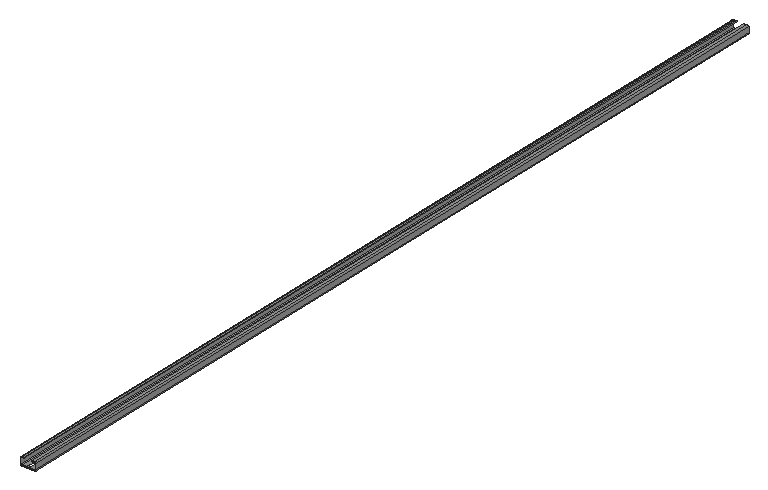
Revit family "Profilschiene- CML3518P2000 FS,FT,A2", category Generic Models, Revit 2017
Family settings
  Can host rebar = No
  Round Connector Dimension = Use Diameter
  Part Type = Normal
  Work Plane-Based = No
  Always vertical = Yes
  Cut with Voids When Loaded = No
  Shared = No
  Room Calculation Point = No
Parameters (values of type "CML3518P2000A2")
  Width 1 = 35 mm / 2  # 17.5 mm
  Width = 35 mm
  URL = "http://www.obo-bettermann.com"
  Material = Stainless steel, A2
  Manufacturer Art.No. = "1104501"
  Manufacturer = "OBO Bettermann"
  Length = 2000 mm
  GTIN = "4012195627081"
  Cut's space = 50 mm
  Cut's number = Length / Cut's space  # 40
  Article Type = "CML3518P2000A2"
Reference planes
  plane 1 "Center (Front/Back)": y = 0
  plane 2: z = 0
  plane 3 "Center (Left/Right)": x = 0
  plane 4: z = 18
  plane 5: y = 14
  plane 6: y = 39
  plane 7: y = 45
  plane 8: y = 33
  plane 9: y = 39
  plane 10: y = 64
  plane 11: y = 89
  plane 12: y = 95
  plane 13: y = 83
  plane 14: y = 139
  plane 15: y = 145
  plane 16: y = 133
  plane 17: y = 189
  plane 18: y = 195
  plane 19: y = 183
  plane 20: y = 239
  plane 21: y = 245
  plane 22: y = 233
  plane 23: y = 289
  plane 24: y = 295
  plane 25: y = 283
  plane 26: y = 339
  plane 27: y = 345
  plane 28: y = 333
  plane 29: y = 389
  plane 30: y = 395
  plane 31: y = 383
  plane 32: y = 439
  plane 33: y = 445
  plane 34: y = 433
  plane 35: y = 489
  plane 36: y = 495
  plane 37: y = 483
  plane 38: y = 539
  plane 39: y = 545
  plane 40: y = 533
  plane 41: y = 589
  plane 42: y = 595
  plane 43: y = 583
  plane 44: y = 639
  plane 45: y = 645
  plane 46: y = 633
  plane 47: y = 689
  plane 48: y = 695
  plane 49: y = 683
  plane 50: y = 739
  plane 51: y = 745
  plane 52: y = 733
  plane 53: y = 789
  plane 54: y = 795
  plane 55: y = 783
  plane 56: y = 839
  plane 57: y = 845
  plane 58: y = 833
  plane 59: y = 889
  plane 60: y = 895
  plane 61: y = 883
  plane 62: y = 939
  plane 63: y = 945
  plane 64: y = 933
  plane 65: y = 989
  plane 66: y = 995
  plane 67: y = 983
  plane 68: y = 1039
  plane 69: y = 1045
  plane 70: y = 1033
  plane 71: y = 1089
  plane 72: y = 1095
  plane 73: y = 1083
  plane 74: y = 1139
  plane 75: y = 1145
  plane 76: y = 1133
  plane 77: y = 1189
  plane 78: y = 1195
  plane 79: y = 1183
  plane 80: y = 1239
  plane 81: y = 1245
  plane 82: y = 1233
  plane 83: y = 1289
  plane 84: y = 1295
  plane 85: y = 1283
  plane 86: y = 1339
  plane 87: y = 1345
  plane 88: y = 1333
  plane 89: y = 1389
  plane 90: y = 1395
  plane 91: y = 1383
  plane 92: y = 1439
  plane 93: y = 1445
  plane 94: y = 1433
  plane 95: y = 1489
  plane 96: y = 1495
  plane 97: y = 1483
  plane 98: y = 1539
  plane 99: y = 1545
  plane 100: y = 1533
  plane 101: y = 1589
  plane 102: y = 1595
  plane 103: y = 1583
  plane 104: y = 1639
  plane 105: y = 1645
  plane 106: y = 1633
  plane 107: y = 1689
  plane 108: y = 1695
  plane 109: y = 1683
  plane 110: y = 1739
  plane 111: y = 1745
  plane 112: y = 1733
  plane 113: y = 1789
  plane 114: y = 1795
  plane 115: y = 1783
  plane 116: y = 1839
  plane 117: y = 1845
  plane 118: y = 1833
  plane 119: y = 1889
  plane 120: y = 1895
  plane 121: y = 1883
  plane 122: y = 1939
  plane 123: y = 1945
  plane 124: y = 1933
  plane 125: y = 1989
  plane 126: y = 1995
  plane 127: y = 1983
Forms (mm)
  Extrusion 1, solid, material "Stainless steel, A2" <- "Material"
    sketch origin (0, 0, 0) x (1, 0, 0) y (0, 0, 1)
      loop
        line (-15, 0) -> (15, 0)
        arc (15, 0) -> (16.768, 0.732) -> (17.5, 2.5) r 2.5
        line (17.5, 2.5) -> (17.5, 15.516)
        arc (17.5, 15.516) -> (16.798, 17.253) -> (15.087, 18.015) r 2.5
        line (15.087, 18.015) -> (8.459, 18.015) -> (8.459, 16.715) -> (15.06, 16.715)
        arc (15.06, 16.715) -> (15.87, 16.343) -> (16.2, 15.516) r 1.2
        line (16.2, 15.516) -> (16.2, 2.55)
        arc (16.2, 2.55) -> (15.834, 1.666) -> (14.95, 1.3) r 1.25
        line (14.95, 1.3) -> (-14.95, 1.3)
        arc (-14.95, 1.3) -> (-15.834, 1.666) -> (-16.2, 2.55) r 1.25
        line (-16.2, 2.55) -> (-16.2, 15.5)
        arc (-16.2, 15.5) -> (-15.849, 16.349) -> (-15, 16.7) r 1.2
        line (-15, 16.7) -> (-8.541, 16.7) -> (-8.541, 18) -> (-15, 18)
        arc (-15, 18) -> (-16.768, 17.268) -> (-17.5, 15.5) r 2.5
        line (-17.5, 15.5) -> (-17.5, 2.5)
        arc (-17.5, 2.5) -> (-16.768, 0.732) -> (-15, 0) r 2.5
    from -2000 to 0
  Extrusion 2, void
    sketch origin (0, 0, 0) x (1, 0, 0) y (0, 1, 0)
      loop
        arc (-3.85, 24) -> (-4.204, 23.854) -> (-4.35, 23.5) r 0.5
        line (-4.35, 23.5) -> (-4.35, 4.5)
        arc (-4.35, 4.5) -> (-4.204, 4.146) -> (-3.85, 4) r 0.5
        line (-3.85, 4) -> (3.85, 4)
        arc (3.85, 4) -> (4.204, 4.146) -> (4.35, 4.5) r 0.5
        line (4.35, 4.5) -> (4.35, 23.5)
        arc (4.35, 23.5) -> (4.204, 23.854) -> (3.85, 24) r 0.5
        line (3.85, 24) -> (-3.85, 24)
      loop
        arc (-3.25, 36.248) -> (0, 32.998) -> (3.25, 36.248) r 3.25
        line (3.25, 36.248) -> (3.25, 41.75)
        arc (3.25, 41.75) -> (0, 45) -> (-3.25, 41.75) r 3.25
        line (-3.25, 41.75) -> (-3.25, 36.248)
    from 0 to 1.3
  Extrusion 3, void
    sketch origin (0, 50, 0) x (1, 0, 0) y (0, 1, 0)
      loop
        arc (-3.85, 24) -> (-4.204, 23.854) -> (-4.35, 23.5) r 0.5
        line (-4.35, 23.5) -> (-4.35, 4.5)
        arc (-4.35, 4.5) -> (-4.204, 4.146) -> (-3.85, 4) r 0.5
        line (-3.85, 4) -> (3.85, 4)
        arc (3.85, 4) -> (4.204, 4.146) -> (4.35, 4.5) r 0.5
        line (4.35, 4.5) -> (4.35, 23.5)
        arc (4.35, 23.5) -> (4.204, 23.854) -> (3.85, 24) r 0.5
        line (3.85, 24) -> (-3.85, 24)
      loop
        arc (-3.25, 36.248) -> (0, 32.998) -> (3.25, 36.248) r 3.25
        line (3.25, 36.248) -> (3.25, 41.75)
        arc (3.25, 41.75) -> (0, 45) -> (-3.25, 41.75) r 3.25
        line (-3.25, 41.75) -> (-3.25, 36.248)
    from 0 to 1.3
  Extrusion 4, void
    sketch origin (0, 100, 0) x (1, 0, 0) y (0, 1, 0)
      loop
        arc (-3.85, 24) -> (-4.204, 23.854) -> (-4.35, 23.5) r 0.5
        line (-4.35, 23.5) -> (-4.35, 4.5)
        arc (-4.35, 4.5) -> (-4.204, 4.146) -> (-3.85, 4) r 0.5
        line (-3.85, 4) -> (3.85, 4)
        arc (3.85, 4) -> (4.204, 4.146) -> (4.35, 4.5) r 0.5
        line (4.35, 4.5) -> (4.35, 23.5)
        arc (4.35, 23.5) -> (4.204, 23.854) -> (3.85, 24) r 0.5
        line (3.85, 24) -> (-3.85, 24)
      loop
        arc (-3.25, 36.248) -> (0, 32.998) -> (3.25, 36.248) r 3.25
        line (3.25, 36.248) -> (3.25, 41.75)
        arc (3.25, 41.75) -> (0, 45) -> (-3.25, 41.75) r 3.25
        line (-3.25, 41.75) -> (-3.25, 36.248)
    from 0 to 1.3
  Extrusion 5, void
    sketch origin (0, 150, 0) x (1, 0, 0) y (0, 1, 0)
      loop
        arc (-3.85, 24) -> (-4.204, 23.854) -> (-4.35, 23.5) r 0.5
        line (-4.35, 23.5) -> (-4.35, 4.5)
        arc (-4.35, 4.5) -> (-4.204, 4.146) -> (-3.85, 4) r 0.5
        line (-3.85, 4) -> (3.85, 4)
        arc (3.85, 4) -> (4.204, 4.146) -> (4.35, 4.5) r 0.5
        line (4.35, 4.5) -> (4.35, 23.5)
        arc (4.35, 23.5) -> (4.204, 23.854) -> (3.85, 24) r 0.5
        line (3.85, 24) -> (-3.85, 24)
      loop
        arc (-3.25, 36.248) -> (0, 32.998) -> (3.25, 36.248) r 3.25
        line (3.25, 36.248) -> (3.25, 41.75)
        arc (3.25, 41.75) -> (0, 45) -> (-3.25, 41.75) r 3.25
        line (-3.25, 41.75) -> (-3.25, 36.248)
    from 0 to 1.3
  Extrusion 6, void
    sketch origin (0, 200, 0) x (1, 0, 0) y (0, 1, 0)
      loop
        arc (-3.85, 24) -> (-4.204, 23.854) -> (-4.35, 23.5) r 0.5
        line (-4.35, 23.5) -> (-4.35, 4.5)
        arc (-4.35, 4.5) -> (-4.204, 4.146) -> (-3.85, 4) r 0.5
        line (-3.85, 4) -> (3.85, 4)
        arc (3.85, 4) -> (4.204, 4.146) -> (4.35, 4.5) r 0.5
        line (4.35, 4.5) -> (4.35, 23.5)
        arc (4.35, 23.5) -> (4.204, 23.854) -> (3.85, 24) r 0.5
        line (3.85, 24) -> (-3.85, 24)
      loop
        arc (-3.25, 36.248) -> (0, 32.998) -> (3.25, 36.248) r 3.25
        line (3.25, 36.248) -> (3.25, 41.75)
        arc (3.25, 41.75) -> (0, 45) -> (-3.25, 41.75) r 3.25
        line (-3.25, 41.75) -> (-3.25, 36.248)
    from 0 to 1.3
  Extrusion 7, void
    sketch origin (0, 250, 0) x (1, 0, 0) y (0, 1, 0)
      loop
        arc (-3.85, 24) -> (-4.204, 23.854) -> (-4.35, 23.5) r 0.5
        line (-4.35, 23.5) -> (-4.35, 4.5)
        arc (-4.35, 4.5) -> (-4.204, 4.146) -> (-3.85, 4) r 0.5
        line (-3.85, 4) -> (3.85, 4)
        arc (3.85, 4) -> (4.204, 4.146) -> (4.35, 4.5) r 0.5
        line (4.35, 4.5) -> (4.35, 23.5)
        arc (4.35, 23.5) -> (4.204, 23.854) -> (3.85, 24) r 0.5
        line (3.85, 24) -> (-3.85, 24)
      loop
        arc (-3.25, 36.248) -> (0, 32.998) -> (3.25, 36.248) r 3.25
        line (3.25, 36.248) -> (3.25, 41.75)
        arc (3.25, 41.75) -> (0, 45) -> (-3.25, 41.75) r 3.25
        line (-3.25, 41.75) -> (-3.25, 36.248)
    from 0 to 1.3
  Extrusion 8, void
    sketch origin (0, 300, 0) x (1, 0, 0) y (0, 1, 0)
      loop
        arc (-3.85, 24) -> (-4.204, 23.854) -> (-4.35, 23.5) r 0.5
        line (-4.35, 23.5) -> (-4.35, 4.5)
        arc (-4.35, 4.5) -> (-4.204, 4.146) -> (-3.85, 4) r 0.5
        line (-3.85, 4) -> (3.85, 4)
        arc (3.85, 4) -> (4.204, 4.146) -> (4.35, 4.5) r 0.5
        line (4.35, 4.5) -> (4.35, 23.5)
        arc (4.35, 23.5) -> (4.204, 23.854) -> (3.85, 24) r 0.5
        line (3.85, 24) -> (-3.85, 24)
      loop
        arc (-3.25, 36.248) -> (0, 32.998) -> (3.25, 36.248) r 3.25
        line (3.25, 36.248) -> (3.25, 41.75)
        arc (3.25, 41.75) -> (0, 45) -> (-3.25, 41.75) r 3.25
        line (-3.25, 41.75) -> (-3.25, 36.248)
    from 0 to 1.3
  Extrusion 9, void
    sketch origin (0, 350, 0) x (1, 0, 0) y (0, 1, 0)
      loop
        arc (-3.85, 24) -> (-4.204, 23.854) -> (-4.35, 23.5) r 0.5
        line (-4.35, 23.5) -> (-4.35, 4.5)
        arc (-4.35, 4.5) -> (-4.204, 4.146) -> (-3.85, 4) r 0.5
        line (-3.85, 4) -> (3.85, 4)
        arc (3.85, 4) -> (4.204, 4.146) -> (4.35, 4.5) r 0.5
        line (4.35, 4.5) -> (4.35, 23.5)
        arc (4.35, 23.5) -> (4.204, 23.854) -> (3.85, 24) r 0.5
        line (3.85, 24) -> (-3.85, 24)
      loop
        arc (-3.25, 36.248) -> (0, 32.998) -> (3.25, 36.248) r 3.25
        line (3.25, 36.248) -> (3.25, 41.75)
        arc (3.25, 41.75) -> (0, 45) -> (-3.25, 41.75) r 3.25
        line (-3.25, 41.75) -> (-3.25, 36.248)
    from 0 to 1.3
  Extrusion 10, void
    sketch origin (0, 400, 0) x (1, 0, 0) y (0, 1, 0)
      loop
        arc (-3.85, 24) -> (-4.204, 23.854) -> (-4.35, 23.5) r 0.5
        line (-4.35, 23.5) -> (-4.35, 4.5)
        arc (-4.35, 4.5) -> (-4.204, 4.146) -> (-3.85, 4) r 0.5
        line (-3.85, 4) -> (3.85, 4)
        arc (3.85, 4) -> (4.204, 4.146) -> (4.35, 4.5) r 0.5
        line (4.35, 4.5) -> (4.35, 23.5)
        arc (4.35, 23.5) -> (4.204, 23.854) -> (3.85, 24) r 0.5
        line (3.85, 24) -> (-3.85, 24)
      loop
        arc (-3.25, 36.248) -> (0, 32.998) -> (3.25, 36.248) r 3.25
        line (3.25, 36.248) -> (3.25, 41.75)
        arc (3.25, 41.75) -> (0, 45) -> (-3.25, 41.75) r 3.25
        line (-3.25, 41.75) -> (-3.25, 36.248)
    from 0 to 1.3
  Extrusion 11, void
    sketch origin (0, 450, 0) x (1, 0, 0) y (0, 1, 0)
      loop
        arc (-3.85, 24) -> (-4.204, 23.854) -> (-4.35, 23.5) r 0.5
        line (-4.35, 23.5) -> (-4.35, 4.5)
        arc (-4.35, 4.5) -> (-4.204, 4.146) -> (-3.85, 4) r 0.5
        line (-3.85, 4) -> (3.85, 4)
        arc (3.85, 4) -> (4.204, 4.146) -> (4.35, 4.5) r 0.5
        line (4.35, 4.5) -> (4.35, 23.5)
        arc (4.35, 23.5) -> (4.204, 23.854) -> (3.85, 24) r 0.5
        line (3.85, 24) -> (-3.85, 24)
      loop
        arc (-3.25, 36.248) -> (0, 32.998) -> (3.25, 36.248) r 3.25
        line (3.25, 36.248) -> (3.25, 41.75)
        arc (3.25, 41.75) -> (0, 45) -> (-3.25, 41.75) r 3.25
        line (-3.25, 41.75) -> (-3.25, 36.248)
    from 0 to 1.3
  Extrusion 12, void
    sketch origin (0, 500, 0) x (1, 0, 0) y (0, 1, 0)
      loop
        arc (-3.85, 24) -> (-4.204, 23.854) -> (-4.35, 23.5) r 0.5
        line (-4.35, 23.5) -> (-4.35, 4.5)
        arc (-4.35, 4.5) -> (-4.204, 4.146) -> (-3.85, 4) r 0.5
        line (-3.85, 4) -> (3.85, 4)
        arc (3.85, 4) -> (4.204, 4.146) -> (4.35, 4.5) r 0.5
        line (4.35, 4.5) -> (4.35, 23.5)
        arc (4.35, 23.5) -> (4.204, 23.854) -> (3.85, 24) r 0.5
        line (3.85, 24) -> (-3.85, 24)
      loop
        arc (-3.25, 36.248) -> (0, 32.998) -> (3.25, 36.248) r 3.25
        line (3.25, 36.248) -> (3.25, 41.75)
        arc (3.25, 41.75) -> (0, 45) -> (-3.25, 41.75) r 3.25
        line (-3.25, 41.75) -> (-3.25, 36.248)
    from 0 to 1.3
  Extrusion 13, void
    sketch origin (0, 550, 0) x (1, 0, 0) y (0, 1, 0)
      loop
        arc (-3.85, 24) -> (-4.204, 23.854) -> (-4.35, 23.5) r 0.5
        line (-4.35, 23.5) -> (-4.35, 4.5)
        arc (-4.35, 4.5) -> (-4.204, 4.146) -> (-3.85, 4) r 0.5
        line (-3.85, 4) -> (3.85, 4)
        arc (3.85, 4) -> (4.204, 4.146) -> (4.35, 4.5) r 0.5
        line (4.35, 4.5) -> (4.35, 23.5)
        arc (4.35, 23.5) -> (4.204, 23.854) -> (3.85, 24) r 0.5
        line (3.85, 24) -> (-3.85, 24)
      loop
        arc (-3.25, 36.248) -> (0, 32.998) -> (3.25, 36.248) r 3.25
        line (3.25, 36.248) -> (3.25, 41.75)
        arc (3.25, 41.75) -> (0, 45) -> (-3.25, 41.75) r 3.25
        line (-3.25, 41.75) -> (-3.25, 36.248)
    from 0 to 1.3
  Extrusion 14, void
    sketch origin (0, 600, 0) x (1, 0, 0) y (0, 1, 0)
      loop
        arc (-3.85, 24) -> (-4.204, 23.854) -> (-4.35, 23.5) r 0.5
        line (-4.35, 23.5) -> (-4.35, 4.5)
        arc (-4.35, 4.5) -> (-4.204, 4.146) -> (-3.85, 4) r 0.5
        line (-3.85, 4) -> (3.85, 4)
        arc (3.85, 4) -> (4.204, 4.146) -> (4.35, 4.5) r 0.5
        line (4.35, 4.5) -> (4.35, 23.5)
        arc (4.35, 23.5) -> (4.204, 23.854) -> (3.85, 24) r 0.5
        line (3.85, 24) -> (-3.85, 24)
      loop
        arc (-3.25, 36.248) -> (0, 32.998) -> (3.25, 36.248) r 3.25
        line (3.25, 36.248) -> (3.25, 41.75)
        arc (3.25, 41.75) -> (0, 45) -> (-3.25, 41.75) r 3.25
        line (-3.25, 41.75) -> (-3.25, 36.248)
    from 0 to 1.3
  Extrusion 15, void
    sketch origin (0, 650, 0) x (1, 0, 0) y (0, 1, 0)
      loop
        arc (-3.85, 24) -> (-4.204, 23.854) -> (-4.35, 23.5) r 0.5
        line (-4.35, 23.5) -> (-4.35, 4.5)
        arc (-4.35, 4.5) -> (-4.204, 4.146) -> (-3.85, 4) r 0.5
        line (-3.85, 4) -> (3.85, 4)
        arc (3.85, 4) -> (4.204, 4.146) -> (4.35, 4.5) r 0.5
        line (4.35, 4.5) -> (4.35, 23.5)
        arc (4.35, 23.5) -> (4.204, 23.854) -> (3.85, 24) r 0.5
        line (3.85, 24) -> (-3.85, 24)
      loop
        arc (-3.25, 36.248) -> (0, 32.998) -> (3.25, 36.248) r 3.25
        line (3.25, 36.248) -> (3.25, 41.75)
        arc (3.25, 41.75) -> (0, 45) -> (-3.25, 41.75) r 3.25
        line (-3.25, 41.75) -> (-3.25, 36.248)
    from 0 to 1.3
  Extrusion 16, void
    sketch origin (0, 700, 0) x (1, 0, 0) y (0, 1, 0)
      loop
        arc (-3.85, 24) -> (-4.204, 23.854) -> (-4.35, 23.5) r 0.5
        line (-4.35, 23.5) -> (-4.35, 4.5)
        arc (-4.35, 4.5) -> (-4.204, 4.146) -> (-3.85, 4) r 0.5
        line (-3.85, 4) -> (3.85, 4)
        arc (3.85, 4) -> (4.204, 4.146) -> (4.35, 4.5) r 0.5
        line (4.35, 4.5) -> (4.35, 23.5)
        arc (4.35, 23.5) -> (4.204, 23.854) -> (3.85, 24) r 0.5
        line (3.85, 24) -> (-3.85, 24)
      loop
        arc (-3.25, 36.248) -> (0, 32.998) -> (3.25, 36.248) r 3.25
        line (3.25, 36.248) -> (3.25, 41.75)
        arc (3.25, 41.75) -> (0, 45) -> (-3.25, 41.75) r 3.25
        line (-3.25, 41.75) -> (-3.25, 36.248)
    from 0 to 1.3
  Extrusion 17, void
    sketch origin (0, 750, 0) x (1, 0, 0) y (0, 1, 0)
      loop
        arc (-3.85, 24) -> (-4.204, 23.854) -> (-4.35, 23.5) r 0.5
        line (-4.35, 23.5) -> (-4.35, 4.5)
        arc (-4.35, 4.5) -> (-4.204, 4.146) -> (-3.85, 4) r 0.5
        line (-3.85, 4) -> (3.85, 4)
        arc (3.85, 4) -> (4.204, 4.146) -> (4.35, 4.5) r 0.5
        line (4.35, 4.5) -> (4.35, 23.5)
        arc (4.35, 23.5) -> (4.204, 23.854) -> (3.85, 24) r 0.5
        line (3.85, 24) -> (-3.85, 24)
      loop
        arc (-3.25, 36.248) -> (0, 32.998) -> (3.25, 36.248) r 3.25
        line (3.25, 36.248) -> (3.25, 41.75)
        arc (3.25, 41.75) -> (0, 45) -> (-3.25, 41.75) r 3.25
        line (-3.25, 41.75) -> (-3.25, 36.248)
    from 0 to 1.3
  Extrusion 18, void
    sketch origin (0, 800, 0) x (1, 0, 0) y (0, 1, 0)
      loop
        arc (-3.85, 24) -> (-4.204, 23.854) -> (-4.35, 23.5) r 0.5
        line (-4.35, 23.5) -> (-4.35, 4.5)
        arc (-4.35, 4.5) -> (-4.204, 4.146) -> (-3.85, 4) r 0.5
        line (-3.85, 4) -> (3.85, 4)
        arc (3.85, 4) -> (4.204, 4.146) -> (4.35, 4.5) r 0.5
        line (4.35, 4.5) -> (4.35, 23.5)
        arc (4.35, 23.5) -> (4.204, 23.854) -> (3.85, 24) r 0.5
        line (3.85, 24) -> (-3.85, 24)
      loop
        arc (-3.25, 36.248) -> (0, 32.998) -> (3.25, 36.248) r 3.25
        line (3.25, 36.248) -> (3.25, 41.75)
        arc (3.25, 41.75) -> (0, 45) -> (-3.25, 41.75) r 3.25
        line (-3.25, 41.75) -> (-3.25, 36.248)
    from 0 to 1.3
  Extrusion 19, void
    sketch origin (0, 850, 0) x (1, 0, 0) y (0, 1, 0)
      loop
        arc (-3.85, 24) -> (-4.204, 23.854) -> (-4.35, 23.5) r 0.5
        line (-4.35, 23.5) -> (-4.35, 4.5)
        arc (-4.35, 4.5) -> (-4.204, 4.146) -> (-3.85, 4) r 0.5
        line (-3.85, 4) -> (3.85, 4)
        arc (3.85, 4) -> (4.204, 4.146) -> (4.35, 4.5) r 0.5
        line (4.35, 4.5) -> (4.35, 23.5)
        arc (4.35, 23.5) -> (4.204, 23.854) -> (3.85, 24) r 0.5
        line (3.85, 24) -> (-3.85, 24)
      loop
        arc (-3.25, 36.248) -> (0, 32.998) -> (3.25, 36.248) r 3.25
        line (3.25, 36.248) -> (3.25, 41.75)
        arc (3.25, 41.75) -> (0, 45) -> (-3.25, 41.75) r 3.25
        line (-3.25, 41.75) -> (-3.25, 36.248)
    from 0 to 1.3
  Extrusion 20, void
    sketch origin (0, 900, 0) x (1, 0, 0) y (0, 1, 0)
      loop
        arc (-3.85, 24) -> (-4.204, 23.854) -> (-4.35, 23.5) r 0.5
        line (-4.35, 23.5) -> (-4.35, 4.5)
        arc (-4.35, 4.5) -> (-4.204, 4.146) -> (-3.85, 4) r 0.5
        line (-3.85, 4) -> (3.85, 4)
        arc (3.85, 4) -> (4.204, 4.146) -> (4.35, 4.5) r 0.5
        line (4.35, 4.5) -> (4.35, 23.5)
        arc (4.35, 23.5) -> (4.204, 23.854) -> (3.85, 24) r 0.5
        line (3.85, 24) -> (-3.85, 24)
      loop
        arc (-3.25, 36.248) -> (0, 32.998) -> (3.25, 36.248) r 3.25
        line (3.25, 36.248) -> (3.25, 41.75)
        arc (3.25, 41.75) -> (0, 45) -> (-3.25, 41.75) r 3.25
        line (-3.25, 41.75) -> (-3.25, 36.248)
    from 0 to 1.3
  Extrusion 21, void
    sketch origin (0, 950, 0) x (1, 0, 0) y (0, 1, 0)
      loop
        arc (-3.85, 24) -> (-4.204, 23.854) -> (-4.35, 23.5) r 0.5
        line (-4.35, 23.5) -> (-4.35, 4.5)
        arc (-4.35, 4.5) -> (-4.204, 4.146) -> (-3.85, 4) r 0.5
        line (-3.85, 4) -> (3.85, 4)
        arc (3.85, 4) -> (4.204, 4.146) -> (4.35, 4.5) r 0.5
        line (4.35, 4.5) -> (4.35, 23.5)
        arc (4.35, 23.5) -> (4.204, 23.854) -> (3.85, 24) r 0.5
        line (3.85, 24) -> (-3.85, 24)
      loop
        arc (-3.25, 36.248) -> (0, 32.998) -> (3.25, 36.248) r 3.25
        line (3.25, 36.248) -> (3.25, 41.75)
        arc (3.25, 41.75) -> (0, 45) -> (-3.25, 41.75) r 3.25
        line (-3.25, 41.75) -> (-3.25, 36.248)
    from 0 to 1.3
  Extrusion 22, void
    sketch origin (0, 1000, 0) x (1, 0, 0) y (0, 1, 0)
      loop
        arc (-3.85, 24) -> (-4.204, 23.854) -> (-4.35, 23.5) r 0.5
        line (-4.35, 23.5) -> (-4.35, 4.5)
        arc (-4.35, 4.5) -> (-4.204, 4.146) -> (-3.85, 4) r 0.5
        line (-3.85, 4) -> (3.85, 4)
        arc (3.85, 4) -> (4.204, 4.146) -> (4.35, 4.5) r 0.5
        line (4.35, 4.5) -> (4.35, 23.5)
        arc (4.35, 23.5) -> (4.204, 23.854) -> (3.85, 24) r 0.5
        line (3.85, 24) -> (-3.85, 24)
      loop
        arc (-3.25, 36.248) -> (0, 32.998) -> (3.25, 36.248) r 3.25
        line (3.25, 36.248) -> (3.25, 41.75)
        arc (3.25, 41.75) -> (0, 45) -> (-3.25, 41.75) r 3.25
        line (-3.25, 41.75) -> (-3.25, 36.248)
    from 0 to 1.3
  Extrusion 23, void
    sketch origin (0, 1050, 0) x (1, 0, 0) y (0, 1, 0)
      loop
        arc (-3.85, 24) -> (-4.204, 23.854) -> (-4.35, 23.5) r 0.5
        line (-4.35, 23.5) -> (-4.35, 4.5)
        arc (-4.35, 4.5) -> (-4.204, 4.146) -> (-3.85, 4) r 0.5
        line (-3.85, 4) -> (3.85, 4)
        arc (3.85, 4) -> (4.204, 4.146) -> (4.35, 4.5) r 0.5
        line (4.35, 4.5) -> (4.35, 23.5)
        arc (4.35, 23.5) -> (4.204, 23.854) -> (3.85, 24) r 0.5
        line (3.85, 24) -> (-3.85, 24)
      loop
        arc (-3.25, 36.248) -> (0, 32.998) -> (3.25, 36.248) r 3.25
        line (3.25, 36.248) -> (3.25, 41.75)
        arc (3.25, 41.75) -> (0, 45) -> (-3.25, 41.75) r 3.25
        line (-3.25, 41.75) -> (-3.25, 36.248)
    from 0 to 1.3
  Extrusion 24, void
    sketch origin (0, 1100, 0) x (1, 0, 0) y (0, 1, 0)
      loop
        arc (-3.85, 24) -> (-4.204, 23.854) -> (-4.35, 23.5) r 0.5
        line (-4.35, 23.5) -> (-4.35, 4.5)
        arc (-4.35, 4.5) -> (-4.204, 4.146) -> (-3.85, 4) r 0.5
        line (-3.85, 4) -> (3.85, 4)
        arc (3.85, 4) -> (4.204, 4.146) -> (4.35, 4.5) r 0.5
        line (4.35, 4.5) -> (4.35, 23.5)
        arc (4.35, 23.5) -> (4.204, 23.854) -> (3.85, 24) r 0.5
        line (3.85, 24) -> (-3.85, 24)
      loop
        arc (-3.25, 36.248) -> (0, 32.998) -> (3.25, 36.248) r 3.25
        line (3.25, 36.248) -> (3.25, 41.75)
        arc (3.25, 41.75) -> (0, 45) -> (-3.25, 41.75) r 3.25
        line (-3.25, 41.75) -> (-3.25, 36.248)
    from 0 to 1.3
  Extrusion 25, void
    sketch origin (0, 1150, 0) x (1, 0, 0) y (0, 1, 0)
      loop
        arc (-3.85, 24) -> (-4.204, 23.854) -> (-4.35, 23.5) r 0.5
        line (-4.35, 23.5) -> (-4.35, 4.5)
        arc (-4.35, 4.5) -> (-4.204, 4.146) -> (-3.85, 4) r 0.5
        line (-3.85, 4) -> (3.85, 4)
        arc (3.85, 4) -> (4.204, 4.146) -> (4.35, 4.5) r 0.5
        line (4.35, 4.5) -> (4.35, 23.5)
        arc (4.35, 23.5) -> (4.204, 23.854) -> (3.85, 24) r 0.5
        line (3.85, 24) -> (-3.85, 24)
      loop
        arc (-3.25, 36.248) -> (0, 32.998) -> (3.25, 36.248) r 3.25
        line (3.25, 36.248) -> (3.25, 41.75)
        arc (3.25, 41.75) -> (0, 45) -> (-3.25, 41.75) r 3.25
        line (-3.25, 41.75) -> (-3.25, 36.248)
    from 0 to 1.3
  Extrusion 26, void
    sketch origin (0, 1200, 0) x (1, 0, 0) y (0, 1, 0)
      loop
        arc (-3.85, 24) -> (-4.204, 23.854) -> (-4.35, 23.5) r 0.5
        line (-4.35, 23.5) -> (-4.35, 4.5)
        arc (-4.35, 4.5) -> (-4.204, 4.146) -> (-3.85, 4) r 0.5
        line (-3.85, 4) -> (3.85, 4)
        arc (3.85, 4) -> (4.204, 4.146) -> (4.35, 4.5) r 0.5
        line (4.35, 4.5) -> (4.35, 23.5)
        arc (4.35, 23.5) -> (4.204, 23.854) -> (3.85, 24) r 0.5
        line (3.85, 24) -> (-3.85, 24)
      loop
        arc (-3.25, 36.248) -> (0, 32.998) -> (3.25, 36.248) r 3.25
        line (3.25, 36.248) -> (3.25, 41.75)
        arc (3.25, 41.75) -> (0, 45) -> (-3.25, 41.75) r 3.25
        line (-3.25, 41.75) -> (-3.25, 36.248)
    from 0 to 1.3
  Extrusion 27, void
    sketch origin (0, 1250, 0) x (1, 0, 0) y (0, 1, 0)
      loop
        arc (-3.85, 24) -> (-4.204, 23.854) -> (-4.35, 23.5) r 0.5
        line (-4.35, 23.5) -> (-4.35, 4.5)
        arc (-4.35, 4.5) -> (-4.204, 4.146) -> (-3.85, 4) r 0.5
        line (-3.85, 4) -> (3.85, 4)
        arc (3.85, 4) -> (4.204, 4.146) -> (4.35, 4.5) r 0.5
        line (4.35, 4.5) -> (4.35, 23.5)
        arc (4.35, 23.5) -> (4.204, 23.854) -> (3.85, 24) r 0.5
        line (3.85, 24) -> (-3.85, 24)
      loop
        arc (-3.25, 36.248) -> (0, 32.998) -> (3.25, 36.248) r 3.25
        line (3.25, 36.248) -> (3.25, 41.75)
        arc (3.25, 41.75) -> (0, 45) -> (-3.25, 41.75) r 3.25
        line (-3.25, 41.75) -> (-3.25, 36.248)
    from 0 to 1.3
  Extrusion 28, void
    sketch origin (0, 1300, 0) x (1, 0, 0) y (0, 1, 0)
      loop
        arc (-3.85, 24) -> (-4.204, 23.854) -> (-4.35, 23.5) r 0.5
        line (-4.35, 23.5) -> (-4.35, 4.5)
        arc (-4.35, 4.5) -> (-4.204, 4.146) -> (-3.85, 4) r 0.5
        line (-3.85, 4) -> (3.85, 4)
        arc (3.85, 4) -> (4.204, 4.146) -> (4.35, 4.5) r 0.5
        line (4.35, 4.5) -> (4.35, 23.5)
        arc (4.35, 23.5) -> (4.204, 23.854) -> (3.85, 24) r 0.5
        line (3.85, 24) -> (-3.85, 24)
      loop
        arc (-3.25, 36.248) -> (0, 32.998) -> (3.25, 36.248) r 3.25
        line (3.25, 36.248) -> (3.25, 41.75)
        arc (3.25, 41.75) -> (0, 45) -> (-3.25, 41.75) r 3.25
        line (-3.25, 41.75) -> (-3.25, 36.248)
    from 0 to 1.3
  Extrusion 29, void
    sketch origin (0, 1350, 0) x (1, 0, 0) y (0, 1, 0)
      loop
        arc (-3.85, 24) -> (-4.204, 23.854) -> (-4.35, 23.5) r 0.5
        line (-4.35, 23.5) -> (-4.35, 4.5)
        arc (-4.35, 4.5) -> (-4.204, 4.146) -> (-3.85, 4) r 0.5
        line (-3.85, 4) -> (3.85, 4)
        arc (3.85, 4) -> (4.204, 4.146) -> (4.35, 4.5) r 0.5
        line (4.35, 4.5) -> (4.35, 23.5)
        arc (4.35, 23.5) -> (4.204, 23.854) -> (3.85, 24) r 0.5
        line (3.85, 24) -> (-3.85, 24)
      loop
        arc (-3.25, 36.248) -> (0, 32.998) -> (3.25, 36.248) r 3.25
        line (3.25, 36.248) -> (3.25, 41.75)
        arc (3.25, 41.75) -> (0, 45) -> (-3.25, 41.75) r 3.25
        line (-3.25, 41.75) -> (-3.25, 36.248)
    from 0 to 1.3
  Extrusion 30, void
    sketch origin (0, 1400, 0) x (1, 0, 0) y (0, 1, 0)
      loop
        arc (-3.85, 24) -> (-4.204, 23.854) -> (-4.35, 23.5) r 0.5
        line (-4.35, 23.5) -> (-4.35, 4.5)
        arc (-4.35, 4.5) -> (-4.204, 4.146) -> (-3.85, 4) r 0.5
        line (-3.85, 4) -> (3.85, 4)
        arc (3.85, 4) -> (4.204, 4.146) -> (4.35, 4.5) r 0.5
        line (4.35, 4.5) -> (4.35, 23.5)
        arc (4.35, 23.5) -> (4.204, 23.854) -> (3.85, 24) r 0.5
        line (3.85, 24) -> (-3.85, 24)
      loop
        arc (-3.25, 36.248) -> (0, 32.998) -> (3.25, 36.248) r 3.25
        line (3.25, 36.248) -> (3.25, 41.75)
        arc (3.25, 41.75) -> (0, 45) -> (-3.25, 41.75) r 3.25
        line (-3.25, 41.75) -> (-3.25, 36.248)
    from 0 to 1.3
  Extrusion 31, void
    sketch origin (0, 1450, 0) x (1, 0, 0) y (0, 1, 0)
      loop
        arc (-3.85, 24) -> (-4.204, 23.854) -> (-4.35, 23.5) r 0.5
        line (-4.35, 23.5) -> (-4.35, 4.5)
        arc (-4.35, 4.5) -> (-4.204, 4.146) -> (-3.85, 4) r 0.5
        line (-3.85, 4) -> (3.85, 4)
        arc (3.85, 4) -> (4.204, 4.146) -> (4.35, 4.5) r 0.5
        line (4.35, 4.5) -> (4.35, 23.5)
        arc (4.35, 23.5) -> (4.204, 23.854) -> (3.85, 24) r 0.5
        line (3.85, 24) -> (-3.85, 24)
      loop
        arc (-3.25, 36.248) -> (0, 32.998) -> (3.25, 36.248) r 3.25
        line (3.25, 36.248) -> (3.25, 41.75)
        arc (3.25, 41.75) -> (0, 45) -> (-3.25, 41.75) r 3.25
        line (-3.25, 41.75) -> (-3.25, 36.248)
    from 0 to 1.3
  Extrusion 32, void
    sketch origin (0, 1500, 0) x (1, 0, 0) y (0, 1, 0)
      loop
        arc (-3.85, 24) -> (-4.204, 23.854) -> (-4.35, 23.5) r 0.5
        line (-4.35, 23.5) -> (-4.35, 4.5)
        arc (-4.35, 4.5) -> (-4.204, 4.146) -> (-3.85, 4) r 0.5
        line (-3.85, 4) -> (3.85, 4)
        arc (3.85, 4) -> (4.204, 4.146) -> (4.35, 4.5) r 0.5
        line (4.35, 4.5) -> (4.35, 23.5)
        arc (4.35, 23.5) -> (4.204, 23.854) -> (3.85, 24) r 0.5
        line (3.85, 24) -> (-3.85, 24)
      loop
        arc (-3.25, 36.248) -> (0, 32.998) -> (3.25, 36.248) r 3.25
        line (3.25, 36.248) -> (3.25, 41.75)
        arc (3.25, 41.75) -> (0, 45) -> (-3.25, 41.75) r 3.25
        line (-3.25, 41.75) -> (-3.25, 36.248)
    from 0 to 1.3
  Extrusion 33, void
    sketch origin (0, 1550, 0) x (1, 0, 0) y (0, 1, 0)
      loop
        arc (-3.85, 24) -> (-4.204, 23.854) -> (-4.35, 23.5) r 0.5
        line (-4.35, 23.5) -> (-4.35, 4.5)
        arc (-4.35, 4.5) -> (-4.204, 4.146) -> (-3.85, 4) r 0.5
        line (-3.85, 4) -> (3.85, 4)
        arc (3.85, 4) -> (4.204, 4.146) -> (4.35, 4.5) r 0.5
        line (4.35, 4.5) -> (4.35, 23.5)
        arc (4.35, 23.5) -> (4.204, 23.854) -> (3.85, 24) r 0.5
        line (3.85, 24) -> (-3.85, 24)
      loop
        arc (-3.25, 36.248) -> (0, 32.998) -> (3.25, 36.248) r 3.25
        line (3.25, 36.248) -> (3.25, 41.75)
        arc (3.25, 41.75) -> (0, 45) -> (-3.25, 41.75) r 3.25
        line (-3.25, 41.75) -> (-3.25, 36.248)
    from 0 to 1.3
  Extrusion 34, void
    sketch origin (0, 1600, 0) x (1, 0, 0) y (0, 1, 0)
      loop
        arc (-3.85, 24) -> (-4.204, 23.854) -> (-4.35, 23.5) r 0.5
        line (-4.35, 23.5) -> (-4.35, 4.5)
        arc (-4.35, 4.5) -> (-4.204, 4.146) -> (-3.85, 4) r 0.5
        line (-3.85, 4) -> (3.85, 4)
        arc (3.85, 4) -> (4.204, 4.146) -> (4.35, 4.5) r 0.5
        line (4.35, 4.5) -> (4.35, 23.5)
        arc (4.35, 23.5) -> (4.204, 23.854) -> (3.85, 24) r 0.5
        line (3.85, 24) -> (-3.85, 24)
      loop
        arc (-3.25, 36.248) -> (0, 32.998) -> (3.25, 36.248) r 3.25
        line (3.25, 36.248) -> (3.25, 41.75)
        arc (3.25, 41.75) -> (0, 45) -> (-3.25, 41.75) r 3.25
        line (-3.25, 41.75) -> (-3.25, 36.248)
    from 0 to 1.3
  Extrusion 35, void
    sketch origin (0, 1650, 0) x (1, 0, 0) y (0, 1, 0)
      loop
        arc (-3.85, 24) -> (-4.204, 23.854) -> (-4.35, 23.5) r 0.5
        line (-4.35, 23.5) -> (-4.35, 4.5)
        arc (-4.35, 4.5) -> (-4.204, 4.146) -> (-3.85, 4) r 0.5
        line (-3.85, 4) -> (3.85, 4)
        arc (3.85, 4) -> (4.204, 4.146) -> (4.35, 4.5) r 0.5
        line (4.35, 4.5) -> (4.35, 23.5)
        arc (4.35, 23.5) -> (4.204, 23.854) -> (3.85, 24) r 0.5
        line (3.85, 24) -> (-3.85, 24)
      loop
        arc (-3.25, 36.248) -> (0, 32.998) -> (3.25, 36.248) r 3.25
        line (3.25, 36.248) -> (3.25, 41.75)
        arc (3.25, 41.75) -> (0, 45) -> (-3.25, 41.75) r 3.25
        line (-3.25, 41.75) -> (-3.25, 36.248)
    from 0 to 1.3
  Extrusion 36, void
    sketch origin (0, 1700, 0) x (1, 0, 0) y (0, 1, 0)
      loop
        arc (-3.85, 24) -> (-4.204, 23.854) -> (-4.35, 23.5) r 0.5
        line (-4.35, 23.5) -> (-4.35, 4.5)
        arc (-4.35, 4.5) -> (-4.204, 4.146) -> (-3.85, 4) r 0.5
        line (-3.85, 4) -> (3.85, 4)
        arc (3.85, 4) -> (4.204, 4.146) -> (4.35, 4.5) r 0.5
        line (4.35, 4.5) -> (4.35, 23.5)
        arc (4.35, 23.5) -> (4.204, 23.854) -> (3.85, 24) r 0.5
        line (3.85, 24) -> (-3.85, 24)
      loop
        arc (-3.25, 36.248) -> (0, 32.998) -> (3.25, 36.248) r 3.25
        line (3.25, 36.248) -> (3.25, 41.75)
        arc (3.25, 41.75) -> (0, 45) -> (-3.25, 41.75) r 3.25
        line (-3.25, 41.75) -> (-3.25, 36.248)
    from 0 to 1.3
  Extrusion 37, void
    sketch origin (0, 1750, 0) x (1, 0, 0) y (0, 1, 0)
      loop
        arc (-3.85, 24) -> (-4.204, 23.854) -> (-4.35, 23.5) r 0.5
        line (-4.35, 23.5) -> (-4.35, 4.5)
        arc (-4.35, 4.5) -> (-4.204, 4.146) -> (-3.85, 4) r 0.5
        line (-3.85, 4) -> (3.85, 4)
        arc (3.85, 4) -> (4.204, 4.146) -> (4.35, 4.5) r 0.5
        line (4.35, 4.5) -> (4.35, 23.5)
        arc (4.35, 23.5) -> (4.204, 23.854) -> (3.85, 24) r 0.5
        line (3.85, 24) -> (-3.85, 24)
      loop
        arc (-3.25, 36.248) -> (0, 32.998) -> (3.25, 36.248) r 3.25
        line (3.25, 36.248) -> (3.25, 41.75)
        arc (3.25, 41.75) -> (0, 45) -> (-3.25, 41.75) r 3.25
        line (-3.25, 41.75) -> (-3.25, 36.248)
    from 0 to 1.3
  Extrusion 38, void
    sketch origin (0, 1800, 0) x (1, 0, 0) y (0, 1, 0)
      loop
        arc (-3.85, 24) -> (-4.204, 23.854) -> (-4.35, 23.5) r 0.5
        line (-4.35, 23.5) -> (-4.35, 4.5)
        arc (-4.35, 4.5) -> (-4.204, 4.146) -> (-3.85, 4) r 0.5
        line (-3.85, 4) -> (3.85, 4)
        arc (3.85, 4) -> (4.204, 4.146) -> (4.35, 4.5) r 0.5
        line (4.35, 4.5) -> (4.35, 23.5)
        arc (4.35, 23.5) -> (4.204, 23.854) -> (3.85, 24) r 0.5
        line (3.85, 24) -> (-3.85, 24)
      loop
        arc (-3.25, 36.248) -> (0, 32.998) -> (3.25, 36.248) r 3.25
        line (3.25, 36.248) -> (3.25, 41.75)
        arc (3.25, 41.75) -> (0, 45) -> (-3.25, 41.75) r 3.25
        line (-3.25, 41.75) -> (-3.25, 36.248)
    from 0 to 1.3
  Extrusion 39, void
    sketch origin (0, 1850, 0) x (1, 0, 0) y (0, 1, 0)
      loop
        arc (-3.85, 24) -> (-4.204, 23.854) -> (-4.35, 23.5) r 0.5
        line (-4.35, 23.5) -> (-4.35, 4.5)
        arc (-4.35, 4.5) -> (-4.204, 4.146) -> (-3.85, 4) r 0.5
        line (-3.85, 4) -> (3.85, 4)
        arc (3.85, 4) -> (4.204, 4.146) -> (4.35, 4.5) r 0.5
        line (4.35, 4.5) -> (4.35, 23.5)
        arc (4.35, 23.5) -> (4.204, 23.854) -> (3.85, 24) r 0.5
        line (3.85, 24) -> (-3.85, 24)
      loop
        arc (-3.25, 36.248) -> (0, 32.998) -> (3.25, 36.248) r 3.25
        line (3.25, 36.248) -> (3.25, 41.75)
        arc (3.25, 41.75) -> (0, 45) -> (-3.25, 41.75) r 3.25
        line (-3.25, 41.75) -> (-3.25, 36.248)
    from 0 to 1.3
  Extrusion 40, void
    sketch origin (0, 1900, 0) x (1, 0, 0) y (0, 1, 0)
      loop
        arc (-3.85, 24) -> (-4.204, 23.854) -> (-4.35, 23.5) r 0.5
        line (-4.35, 23.5) -> (-4.35, 4.5)
        arc (-4.35, 4.5) -> (-4.204, 4.146) -> (-3.85, 4) r 0.5
        line (-3.85, 4) -> (3.85, 4)
        arc (3.85, 4) -> (4.204, 4.146) -> (4.35, 4.5) r 0.5
        line (4.35, 4.5) -> (4.35, 23.5)
        arc (4.35, 23.5) -> (4.204, 23.854) -> (3.85, 24) r 0.5
        line (3.85, 24) -> (-3.85, 24)
      loop
        arc (-3.25, 36.248) -> (0, 32.998) -> (3.25, 36.248) r 3.25
        line (3.25, 36.248) -> (3.25, 41.75)
        arc (3.25, 41.75) -> (0, 45) -> (-3.25, 41.75) r 3.25
        line (-3.25, 41.75) -> (-3.25, 36.248)
    from 0 to 1.3
  Extrusion 41, void
    sketch origin (0, 1950, 0) x (1, 0, 0) y (0, 1, 0)
      loop
        arc (-3.85, 24) -> (-4.204, 23.854) -> (-4.35, 23.5) r 0.5
        line (-4.35, 23.5) -> (-4.35, 4.5)
        arc (-4.35, 4.5) -> (-4.204, 4.146) -> (-3.85, 4) r 0.5
        line (-3.85, 4) -> (3.85, 4)
        arc (3.85, 4) -> (4.204, 4.146) -> (4.35, 4.5) r 0.5
        line (4.35, 4.5) -> (4.35, 23.5)
        arc (4.35, 23.5) -> (4.204, 23.854) -> (3.85, 24) r 0.5
        line (3.85, 24) -> (-3.85, 24)
      loop
        arc (-3.25, 36.248) -> (0, 32.998) -> (3.25, 36.248) r 3.25
        line (3.25, 36.248) -> (3.25, 41.75)
        arc (3.25, 41.75) -> (0, 45) -> (-3.25, 41.75) r 3.25
        line (-3.25, 41.75) -> (-3.25, 36.248)
    from 0 to 1.3
Cuts and joins
  Extrusion 2, Extrusion 3, Extrusion 4, Extrusion 5, Extrusion 6, Extrusion 7, Extrusion 8, Extrusion 9, Extrusion 10, Extrusion 11, Extrusion 12, Extrusion 13, Extrusion 14, Extrusion 15, Extrusion 16, Extrusion 17, Extrusion 18, Extrusion 19, Extrusion 20, Extrusion 21, Extrusion 22, Extrusion 23, Extrusion 24, Extrusion 25, Extrusion 26, Extrusion 27, Extrusion 28, Extrusion 29, Extrusion 30, Extrusion 31, Extrusion 32, Extrusion 33, Extrusion 34, Extrusion 35, Extrusion 36, Extrusion 37, Extrusion 38, Extrusion 39, Extrusion 40, Extrusion 41 cuts Extrusion 1
Dimensions and locks
  Extrusion 1 sketch curve to Extrusion 1 sketch curve = 35 mm
  locked: plane 4 to level at 18
  locked: Extrusion 1 to Extrusion 1 at 1.3  (x7)
  locked: Extrusion 1 sketch curve to Extrusion 1 sketch curve at 17
  locked: Extrusion 1 to Extrusion 1 at 17
  locked: Extrusion 1 to Extrusion 1 at 8.959
  locked: Extrusion 1 to Extrusion 1 at 9.041
  "Length": Extrusion 1 to Extrusion 1
  locked: plane 1 "Center (Front/Back)" to plane 5 at 14
  locked: Extrusion 2 sketch curve to Extrusion 2 sketch curve at 8.7
  locked: Extrusion 2 sketch curve to Extrusion 2 sketch curve at 20
  locked: plane 7 to plane 8 at 12
  locked: Extrusion 2 sketch curve to Extrusion 2 sketch curve at 6.5
  locked: cut or joined group 1 (Extrusion 1, Extrusion 2, Extrusion 3, Extrusion 4, Extrusion 5, Extrusion 6, Extrusion 7, Extrusion 8, Extrusion 9, Extrusion 10, Extrusion 11, Extrusion 12, Extrusion 13, Extrusion 14, Extrusion 15, Extrusion 16, Extrusion 17, Extrusion 18, Extrusion 19, Extrusion 20, Extrusion 21, Extrusion 22, Extrusion 23, Extrusion 24, Extrusion 25, Extrusion 26, Extrusion 27, Extrusion 28, Extrusion 29, Extrusion 30, Extrusion 31, Extrusion 32, Extrusion 33, Extrusion 34, Extrusion 35, Extrusion 36, Extrusion 37, Extrusion 38, Extrusion 39, Extrusion 40, Extrusion 41) to cut or joined group 1 at 8.998
  locked: cut or joined group 1 to cut or joined group 1 at 21
  plane 9 to plane 5 = 25 mm
  plane 10 to plane 9 = 25 mm
  locked: Extrusion 3 sketch curve to Extrusion 3 sketch curve at 8.7
  locked: Extrusion 3 sketch curve to Extrusion 3 sketch curve at 20
  locked: plane 12 to plane 13 at 12
  locked: Extrusion 3 sketch curve to Extrusion 3 sketch curve at 6.5
  equal spacing: group 1, group 2, group 3, group 4, group 5, group 6, group 7, group 8, group 9, group 10, group 11, group 12, group 13, group 14, group 15, group 16, group 17, group 18, group 19, group 20, group 21, group 22, group 23, group 24, group 25, group 26, group 27, group 28, group 29, group 30, group 31, group 32, group 33, group 34, group 35, group 36, group 37, group 38, group 39, group 40  (x3)
  locked: Extrusion 4 sketch curve to Extrusion 4 sketch curve at 8.7
  locked: Extrusion 4 sketch curve to Extrusion 4 sketch curve at 20
  locked: plane 15 to plane 16 at 12
  locked: Extrusion 4 sketch curve to Extrusion 4 sketch curve at 6.5
  locked: Extrusion 5 sketch curve to Extrusion 5 sketch curve at 8.7
  locked: Extrusion 5 sketch curve to Extrusion 5 sketch curve at 20
  locked: plane 18 to plane 19 at 12
  locked: Extrusion 5 sketch curve to Extrusion 5 sketch curve at 6.5
  locked: Extrusion 6 sketch curve to Extrusion 6 sketch curve at 8.7
  locked: Extrusion 6 sketch curve to Extrusion 6 sketch curve at 20
  locked: plane 21 to plane 22 at 12
  locked: Extrusion 6 sketch curve to Extrusion 6 sketch curve at 6.5
  locked: Extrusion 7 sketch curve to Extrusion 7 sketch curve at 8.7
  locked: Extrusion 7 sketch curve to Extrusion 7 sketch curve at 20
  locked: plane 24 to plane 25 at 12
  locked: Extrusion 7 sketch curve to Extrusion 7 sketch curve at 6.5
  locked: Extrusion 8 sketch curve to Extrusion 8 sketch curve at 8.7
  locked: Extrusion 8 sketch curve to Extrusion 8 sketch curve at 20
  locked: plane 27 to plane 28 at 12
  locked: Extrusion 8 sketch curve to Extrusion 8 sketch curve at 6.5
  locked: Extrusion 9 sketch curve to Extrusion 9 sketch curve at 8.7
  locked: Extrusion 9 sketch curve to Extrusion 9 sketch curve at 20
  locked: plane 30 to plane 31 at 12
  locked: Extrusion 9 sketch curve to Extrusion 9 sketch curve at 6.5
  locked: Extrusion 10 sketch curve to Extrusion 10 sketch curve at 8.7
  locked: Extrusion 10 sketch curve to Extrusion 10 sketch curve at 20
  locked: plane 33 to plane 34 at 12
  locked: Extrusion 10 sketch curve to Extrusion 10 sketch curve at 6.5
  locked: Extrusion 11 sketch curve to Extrusion 11 sketch curve at 8.7
  locked: Extrusion 11 sketch curve to Extrusion 11 sketch curve at 20
  locked: plane 36 to plane 37 at 12
  locked: Extrusion 11 sketch curve to Extrusion 11 sketch curve at 6.5
  locked: Extrusion 12 sketch curve to Extrusion 12 sketch curve at 8.7
  locked: Extrusion 12 sketch curve to Extrusion 12 sketch curve at 20
  locked: plane 39 to plane 40 at 12
  locked: Extrusion 12 sketch curve to Extrusion 12 sketch curve at 6.5
  locked: Extrusion 13 sketch curve to Extrusion 13 sketch curve at 8.7
  locked: Extrusion 13 sketch curve to Extrusion 13 sketch curve at 20
  locked: plane 42 to plane 43 at 12
  locked: Extrusion 13 sketch curve to Extrusion 13 sketch curve at 6.5
  locked: Extrusion 14 sketch curve to Extrusion 14 sketch curve at 8.7
  locked: Extrusion 14 sketch curve to Extrusion 14 sketch curve at 20
  locked: plane 45 to plane 46 at 12
  locked: Extrusion 14 sketch curve to Extrusion 14 sketch curve at 6.5
  locked: Extrusion 15 sketch curve to Extrusion 15 sketch curve at 8.7
  locked: Extrusion 15 sketch curve to Extrusion 15 sketch curve at 20
  locked: plane 48 to plane 49 at 12
  locked: Extrusion 15 sketch curve to Extrusion 15 sketch curve at 6.5
  locked: Extrusion 16 sketch curve to Extrusion 16 sketch curve at 8.7
  locked: Extrusion 16 sketch curve to Extrusion 16 sketch curve at 20
  locked: plane 51 to plane 52 at 12
  locked: Extrusion 16 sketch curve to Extrusion 16 sketch curve at 6.5
  locked: Extrusion 17 sketch curve to Extrusion 17 sketch curve at 8.7
  locked: Extrusion 17 sketch curve to Extrusion 17 sketch curve at 20
  locked: plane 54 to plane 55 at 12
  locked: Extrusion 17 sketch curve to Extrusion 17 sketch curve at 6.5
  locked: Extrusion 18 sketch curve to Extrusion 18 sketch curve at 8.7
  locked: Extrusion 18 sketch curve to Extrusion 18 sketch curve at 20
  locked: plane 57 to plane 58 at 12
  locked: Extrusion 18 sketch curve to Extrusion 18 sketch curve at 6.5
  locked: Extrusion 19 sketch curve to Extrusion 19 sketch curve at 8.7
  locked: Extrusion 19 sketch curve to Extrusion 19 sketch curve at 20
  locked: plane 60 to plane 61 at 12
  locked: Extrusion 19 sketch curve to Extrusion 19 sketch curve at 6.5
  locked: Extrusion 20 sketch curve to Extrusion 20 sketch curve at 8.7
  locked: Extrusion 20 sketch curve to Extrusion 20 sketch curve at 20
  locked: plane 63 to plane 64 at 12
  locked: Extrusion 20 sketch curve to Extrusion 20 sketch curve at 6.5
  locked: Extrusion 21 sketch curve to Extrusion 21 sketch curve at 8.7
  locked: Extrusion 21 sketch curve to Extrusion 21 sketch curve at 20
  locked: plane 66 to plane 67 at 12
  locked: Extrusion 21 sketch curve to Extrusion 21 sketch curve at 6.5
  locked: Extrusion 22 sketch curve to Extrusion 22 sketch curve at 8.7
  locked: Extrusion 22 sketch curve to Extrusion 22 sketch curve at 20
  locked: plane 69 to plane 70 at 12
  locked: Extrusion 22 sketch curve to Extrusion 22 sketch curve at 6.5
  locked: Extrusion 23 sketch curve to Extrusion 23 sketch curve at 8.7
  locked: Extrusion 23 sketch curve to Extrusion 23 sketch curve at 20
  locked: plane 72 to plane 73 at 12
  locked: Extrusion 23 sketch curve to Extrusion 23 sketch curve at 6.5
  locked: Extrusion 24 sketch curve to Extrusion 24 sketch curve at 8.7
  locked: Extrusion 24 sketch curve to Extrusion 24 sketch curve at 20
  locked: plane 75 to plane 76 at 12
  locked: Extrusion 24 sketch curve to Extrusion 24 sketch curve at 6.5
  locked: Extrusion 25 sketch curve to Extrusion 25 sketch curve at 8.7
  locked: Extrusion 25 sketch curve to Extrusion 25 sketch curve at 20
  locked: plane 78 to plane 79 at 12
  locked: Extrusion 25 sketch curve to Extrusion 25 sketch curve at 6.5
  locked: Extrusion 26 sketch curve to Extrusion 26 sketch curve at 8.7
  locked: Extrusion 26 sketch curve to Extrusion 26 sketch curve at 20
  locked: plane 81 to plane 82 at 12
  locked: Extrusion 26 sketch curve to Extrusion 26 sketch curve at 6.5
  locked: Extrusion 27 sketch curve to Extrusion 27 sketch curve at 8.7
  locked: Extrusion 27 sketch curve to Extrusion 27 sketch curve at 20
  locked: plane 84 to plane 85 at 12
  locked: Extrusion 27 sketch curve to Extrusion 27 sketch curve at 6.5
  locked: Extrusion 28 sketch curve to Extrusion 28 sketch curve at 8.7
  locked: Extrusion 28 sketch curve to Extrusion 28 sketch curve at 20
  locked: plane 87 to plane 88 at 12
  locked: Extrusion 28 sketch curve to Extrusion 28 sketch curve at 6.5
  locked: Extrusion 29 sketch curve to Extrusion 29 sketch curve at 8.7
  locked: Extrusion 29 sketch curve to Extrusion 29 sketch curve at 20
  locked: plane 90 to plane 91 at 12
  locked: Extrusion 29 sketch curve to Extrusion 29 sketch curve at 6.5
  locked: Extrusion 30 sketch curve to Extrusion 30 sketch curve at 8.7
  locked: Extrusion 30 sketch curve to Extrusion 30 sketch curve at 20
  locked: plane 93 to plane 94 at 12
  locked: Extrusion 30 sketch curve to Extrusion 30 sketch curve at 6.5
  locked: Extrusion 31 sketch curve to Extrusion 31 sketch curve at 8.7
  locked: Extrusion 31 sketch curve to Extrusion 31 sketch curve at 20
  locked: plane 96 to plane 97 at 12
  locked: Extrusion 31 sketch curve to Extrusion 31 sketch curve at 6.5
  locked: Extrusion 32 sketch curve to Extrusion 32 sketch curve at 8.7
  locked: Extrusion 32 sketch curve to Extrusion 32 sketch curve at 20
  locked: plane 99 to plane 100 at 12
  locked: Extrusion 32 sketch curve to Extrusion 32 sketch curve at 6.5
  locked: Extrusion 33 sketch curve to Extrusion 33 sketch curve at 8.7
  locked: Extrusion 33 sketch curve to Extrusion 33 sketch curve at 20
  locked: plane 102 to plane 103 at 12
  locked: Extrusion 33 sketch curve to Extrusion 33 sketch curve at 6.5
  locked: Extrusion 34 sketch curve to Extrusion 34 sketch curve at 8.7
  locked: Extrusion 34 sketch curve to Extrusion 34 sketch curve at 20
  locked: plane 105 to plane 106 at 12
  locked: Extrusion 34 sketch curve to Extrusion 34 sketch curve at 6.5
  locked: Extrusion 35 sketch curve to Extrusion 35 sketch curve at 8.7
  locked: Extrusion 35 sketch curve to Extrusion 35 sketch curve at 20
  locked: plane 108 to plane 109 at 12
  locked: Extrusion 35 sketch curve to Extrusion 35 sketch curve at 6.5
  locked: Extrusion 36 sketch curve to Extrusion 36 sketch curve at 8.7
  locked: Extrusion 36 sketch curve to Extrusion 36 sketch curve at 20
  locked: plane 111 to plane 112 at 12
  locked: Extrusion 36 sketch curve to Extrusion 36 sketch curve at 6.5
  locked: Extrusion 37 sketch curve to Extrusion 37 sketch curve at 8.7
  locked: Extrusion 37 sketch curve to Extrusion 37 sketch curve at 20
  locked: plane 114 to plane 115 at 12
  locked: Extrusion 37 sketch curve to Extrusion 37 sketch curve at 6.5
  locked: Extrusion 38 sketch curve to Extrusion 38 sketch curve at 8.7
  locked: Extrusion 38 sketch curve to Extrusion 38 sketch curve at 20
  locked: plane 117 to plane 118 at 12
  locked: Extrusion 38 sketch curve to Extrusion 38 sketch curve at 6.5
  locked: Extrusion 39 sketch curve to Extrusion 39 sketch curve at 8.7
  locked: Extrusion 39 sketch curve to Extrusion 39 sketch curve at 20
  locked: plane 120 to plane 121 at 12
  locked: Extrusion 39 sketch curve to Extrusion 39 sketch curve at 6.5
  locked: Extrusion 40 sketch curve to Extrusion 40 sketch curve at 8.7
  locked: Extrusion 40 sketch curve to Extrusion 40 sketch curve at 20
  locked: plane 123 to plane 124 at 12
  locked: Extrusion 40 sketch curve to Extrusion 40 sketch curve at 6.5
  locked: Extrusion 41 sketch curve to Extrusion 41 sketch curve at 8.7
  locked: Extrusion 41 sketch curve to Extrusion 41 sketch curve at 20
  locked: plane 126 to plane 127 at 12
  locked: Extrusion 41 sketch curve to Extrusion 41 sketch curve at 6.5
  aligned and locked: level to plane 2
  aligned and locked: Extrusion 1 sketch curve to level
  aligned and locked: plane 1 "Center (Front/Back)" to Extrusion 1
  aligned and locked: Extrusion 2 to level
  aligned and locked: Extrusion 1 to Extrusion 2
Automatic sketch dimensions
  Extrusion 1 sketch curve to Extrusion 1 sketch curve = 0 mm  (x3)
  Extrusion 1 sketch curve to plane 4 = 2.5 mm
  Extrusion 1 sketch curve to plane 3 "Center (Left/Right)" = 17.5 mm
  Extrusion 1 sketch curve to Extrusion 1 sketch curve = 1.3 mm
  Extrusion 1 sketch curve to Extrusion 1 sketch curve = 1.2 mm  (x3)
  Extrusion 1 sketch curve to Extrusion 1 sketch curve = 0.05 mm  (x2)
  Extrusion 1 sketch curve to plane 4 = 1.3 mm
  Extrusion 1 sketch curve to Extrusion 1 sketch curve = 6.459 mm
  Extrusion 1 sketch curve to plane 4 = 1.285 mm
  plane 3 "Center (Left/Right)" to Extrusion 1 sketch curve = 8.459 mm
  Extrusion 1 sketch curve to Extrusion 1 sketch curve = 2.55 mm
  Extrusion 1 sketch curve to plane 4 = 2.484 mm
  Extrusion 1 sketch curve to Extrusion 1 sketch curve = 2.5 mm
  Extrusion 1 sketch curve to Extrusion 1 sketch curve = 0.06 mm
  Extrusion 2 sketch curve to Extrusion 2 sketch curve = 0.5 mm  (x4)
  Extrusion 2 sketch curve to plane 6 = 2.752 mm
  plane 6 to Extrusion 2 sketch curve = 2.75 mm
  Extrusion 3 sketch curve to Extrusion 3 sketch curve = 0.5 mm  (x4)
  Extrusion 3 sketch curve to plane 11 = 2.752 mm
  plane 11 to Extrusion 3 sketch curve = 2.75 mm
  Extrusion 3 sketch curve to plane 13 = 28.5 mm
  Extrusion 3 sketch curve to Extrusion 3 sketch curve = 0.6 mm
  Extrusion 2 sketch curve to plane 8 = 28.5 mm
  Extrusion 2 sketch curve to Extrusion 2 sketch curve = 0.6 mm
  Extrusion 4 sketch curve to Extrusion 4 sketch curve = 0.5 mm  (x4)
  Extrusion 4 sketch curve to plane 14 = 2.752 mm
  plane 14 to Extrusion 4 sketch curve = 2.75 mm
  Extrusion 4 sketch curve to plane 16 = 28.5 mm
  Extrusion 4 sketch curve to Extrusion 4 sketch curve = 0.6 mm
  Extrusion 5 sketch curve to Extrusion 5 sketch curve = 0.5 mm  (x4)
  Extrusion 5 sketch curve to plane 17 = 2.752 mm
  plane 17 to Extrusion 5 sketch curve = 2.75 mm
  Extrusion 5 sketch curve to plane 19 = 28.5 mm
  Extrusion 5 sketch curve to Extrusion 5 sketch curve = 0.6 mm
  Extrusion 6 sketch curve to Extrusion 6 sketch curve = 0.5 mm  (x4)
  Extrusion 6 sketch curve to plane 20 = 2.752 mm
  plane 20 to Extrusion 6 sketch curve = 2.75 mm
  Extrusion 6 sketch curve to plane 22 = 28.5 mm
  Extrusion 6 sketch curve to Extrusion 6 sketch curve = 0.6 mm
  Extrusion 7 sketch curve to Extrusion 7 sketch curve = 0.5 mm  (x4)
  Extrusion 7 sketch curve to plane 23 = 2.752 mm
  plane 23 to Extrusion 7 sketch curve = 2.75 mm
  Extrusion 7 sketch curve to plane 25 = 28.5 mm
  Extrusion 7 sketch curve to Extrusion 7 sketch curve = 0.6 mm
  Extrusion 8 sketch curve to Extrusion 8 sketch curve = 0.5 mm  (x4)
  Extrusion 8 sketch curve to plane 26 = 2.752 mm
  plane 26 to Extrusion 8 sketch curve = 2.75 mm
  Extrusion 8 sketch curve to plane 28 = 28.5 mm
  Extrusion 8 sketch curve to Extrusion 8 sketch curve = 0.6 mm
  Extrusion 9 sketch curve to Extrusion 9 sketch curve = 0.5 mm  (x4)
  Extrusion 9 sketch curve to plane 29 = 2.752 mm
  plane 29 to Extrusion 9 sketch curve = 2.75 mm
  Extrusion 9 sketch curve to plane 31 = 28.5 mm
